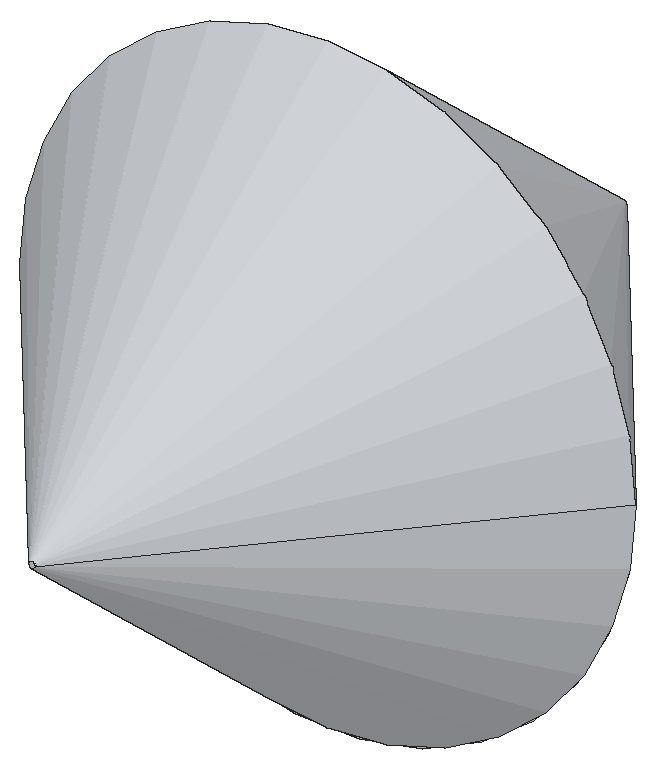
Revit family "Routing Connector Point2019", category 一般モデル, Revit 2020
Family settings
  鉄筋をホスト可能 = いいえ
  丸型コネクタ寸法 = 直径を使用
  パーツ タイプ = 標準
  作業面ベース = いいえ
  常に垂直 = はい
  ロード時にボイドで切り取り = いいえ
  共有 = いいえ
  部屋計算ポイント = いいえ
Parameters
  直径2 = 1 mm
  直径 [instance] = 100 mm
  既定の高さ = 0 mm
Reference planes
  plane 1 "中心(正面/背面)": y = 0
  plane 2: z = 0
  plane 3 "中心(左/右)": x = 0
Forms (mm)
  Blend 1, solid
    base sketch origin (0, 0, 0) x (1, 0, 0) y (0, 0, 1)
      loop
        circle (0, 0) r 50
    top sketch origin (0, 0, 0) x (1, 0, 0) y (0, 0, 1)
      loop
        circle (0, 0) r 0.5
    from 0 to 60
  Blend 2, solid
    base sketch origin (0, 0, 0) x (1, 0, 0) y (0, 0, -1)
      loop
        circle (0, 0) r 50
    top sketch origin (0, 0, 0) x (1, 0, 0) y (0, 0, -1)
      loop
        circle (0, 0) r 0.5
    from 0 to 60
Dimensions and locks
  "直径": diameter of Blend 1 sketch curve
  "直径2": diameter of Blend 1 sketch curve
  "直径": diameter of Blend 2 sketch curve
  "直径2": diameter of Blend 2 sketch curve
  aligned and locked: level to plane 2
Automatic sketch dimensions
  Blend 1 sketch curve to level = 0 mm  (x2)
  Blend 1 sketch curve to plane 3 "中心(左/右)" = 0 mm  (x2)
  Blend 2 sketch curve to level = 0 mm  (x2)
  Blend 2 sketch curve to plane 3 "中心(左/右)" = 0 mm  (x2)
